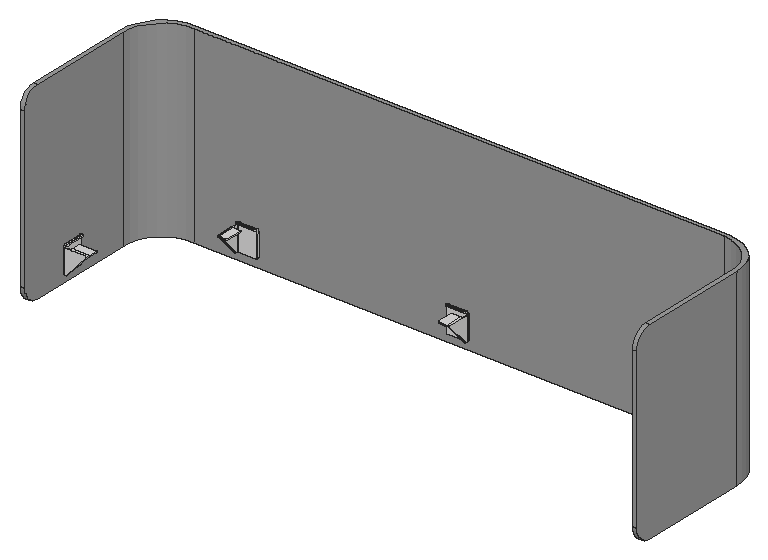
Revit family "Desk_Screens-Teknion-CQCSC_Smooth_Felt_Study_Carrel-R2019", category Furniture, Revit 2019
Family settings
  OmniClass Number = 23.40.20.00
  OmniClass Title = General Furniture and Specialties
  Work Plane-Based = No
  Always vertical = Yes
  Cut with Voids When Loaded = No
  Shared = Yes
  Room Calculation Point = No
Parameters (values of type "47" Datum Height, 24" Slim Modesty Base Height, 72" Width, 20" Depth")
  Width = 72.000"
  Warranty = "http://www.teknion.com/ca/papers/legal-canada"
  Unit Weight URL = "http://www.teknion.com/ca/tools/assets#&asset=bee6a381-b954-425e-8283-5a2de3a804f2,f828d448-4b62-4231-9e5f-9a8991c0ed77"
  URL = "www.teknion.com"
  To render please download texture images found here [instance] = "https://assets.teknion.com/web/5e81352c1dfdb467/revit-material-swatches/"
  Sustainability Data = "https://www.teknion.com/ca/tools/assets#&topic=216f99a5-57a0-44fc-b10a-9dee9b29ae4c&asset=444deb64-fe58-4b68-981e-f75e97781df7,b4ff2d81-9f2e-437d-9659-7cffb09c31cf"
  Smooth Felt Finish [instance] = Fabric - Teknion - R5 - Smooth Felt - Pewter
  Series = "Routes"  # constant formula
  Product Page URL = "https://www.teknion.com/ca/products/product-details?productLineId=70f0476f-8e7a-673b-a6c8-ff05004460c4"
  Product Line = "Routes"  # constant formula
  Product Documentation Link = "https://assets.teknion.com/m/72af4764f50e983c/original/Routes-Reference-Guide.pdf"
  Part Number = "CQCSC"  # constant formula
  Modesty Base Height = 24.000"
  Model = "CQCSC47L7220"
  Manufacturer Phone = "416-661-3370"  # constant formula
  Manufacturer Fax = "416.661.4586"  # constant formula
  Manufacturer Contact Information = "http://www.teknion.com/ca/contactus"
  Manufacturer Address = "1150 Flint Road, Toronto, ON. M3J 2J5. Canada"  # constant formula
  Manufacturer = "Teknion"  # constant formula
  How To Use Teknion Materials User Guide [instance] = "https://assets.teknion.com/m/205dd0a49fa58060/original/How-to-add-a-Material-Library-and-Texture-Images-to-your-Revit-project.pdf"
  Height = 47.000"
  Hardware Finish [instance] = Paint - Teknion - Mica - Arctic
  For Additional Finishes please visit [instance] = "https://assets.teknion.com/m/44a8009b046e5d47/original/Teknion_Materials_Library.zip"
  Description = "Smooth Felt Study Carrel, 47\" Datum Height, 24\" Slim Modesty Base Height, 72\" Width, 20\" Depth"
  Connection Node Visibility [instance] = yes
  Assembly Code = "E2020200"
  Actual Width = Width + 2.000"  # 74.000"
Types (7): name | Width | Modesty Base Height | Model | Height | Description | Actual Width
  (no name) | 72.000" | 24.000" | "CQCSC47L7220" | 47.000" | "Smooth Felt Study Carrel, 47\" Datum Height, 24\" Slim Modesty Base Height, 72\" Width, 20\" Depth" | 74.000"
  42" Datum Height, 24" Slim Modesty Base Height, 60" Width, 20" Depth | 60.000" | 24.000" | "CQCSC42L6020" | 42.000" | "Smooth Felt Study Carrel, 42\" Datum Height, 24\" Slim Modesty Base Height, 60\" Width, 20\" Depth" | 62.000"
  42" Datum Height, 19" Semi Modesty Base Height, 60" Width, 20" Depth | 60.000" | 19.000" | "CQCSC42T6020" | 42.000" | "Smooth Felt Study Carrel, 42\" Datum Height, 19\" Semi Modesty Base Height, 60\" Width, 20\" Depth" | 62.000"
  47" Datum Height, 24" Slim Modesty Base Height, 60" Width, 20" Depth | 60.000" | 24.000" | "CQCSC47L6020" | 47.000" | "Smooth Felt Study Carrel, 47\" Datum Height, 24\" Slim Modesty Base Height, 60\" Width, 20\" Depth" | 62.000"
  42" Datum Height, 19" Semi Modesty Base Height, 72" Width, 20" Depth | 72.000" | 19.000" | "CQCSC42T7220" | 42.000" | "Smooth Felt Study Carrel, 42\" Datum Height, 19\" Semi Modesty Base Height, 72\" Width, 20\" Depth" | 74.000"
  42" Datum Height, 24" Slim Modesty Base Height, 72" Width, 20" Depth | 72.000" | 24.000" | "CQCSC42L7220" | 42.000" | "Smooth Felt Study Carrel, 42\" Datum Height, 24\" Slim Modesty Base Height, 72\" Width, 20\" Depth" | 74.000"
  47" Datum Height, 24" Slim Modesty Base Height, 72" Width, 20" Depth | 72.000" | 24.000" | "CQCSC47L7220" | 47.000" | "Smooth Felt Study Carrel, 47\" Datum Height, 24\" Slim Modesty Base Height, 72\" Width, 20\" Depth" | 74.000"
Reference planes (in)
  plane 1 "Center Front/Back": y = 0.67655
  plane 2: z = 0
  plane 3 "Center Left/Right": x = 7.14522
  plane 4 "Left": x = -29.85478
  plane 5 "Right": x = 44.14522
  plane 6 "Back": y = 10.67655
  plane 7 "Front": y = -9.32345
  plane 8 "Top": z = 47
  plane 9: z = 24
  plane 10: y = 10.18442
Forms (in)
  Sweep 1, solid, material "Fabric - Teknion - R5 - Smooth Felt - Pewter" <- "Smooth Felt Finish"
    path origin (0, 0.67655, 0) x (1, 0, 0) y (0, 0, 1)
      loop
        line (7.14522, 24) -> (7.14522, 47)
    profile origin (7.14522, 0.67655, 35.5) x (-1, 0, 0) y (0, -1, 0)
      loop
        line (37, -5.00787) -> (37, 10) -> (36.50787, 10) -> (36.50787, -4.7683)
        arc (36.50787, -4.7683) -> (35.11969, -8.11969) -> (31.7683, -9.50787) r 4.73957
        line (31.7683, -9.50787) -> (-31.79392, -9.50787)
        arc (-31.79392, -9.50787) -> (-35.12719, -8.12719) -> (-36.50787, -4.79392) r 4.71396
        line (-36.50787, -4.79392) -> (-36.50787, 10) -> (-37, 10) -> (-37, -5.00787)
        arc (-37, -5.00787) -> (-35.53784, -8.53784) -> (-32.00787, -10) r 4.99213
        line (-32.00787, -10) -> (32.00787, -10)
        arc (32.00787, -10) -> (35.53784, -8.53784) -> (37, -5.00787) r 4.99213
  Sweep 2, void
    path origin (0, 0, 0) x (1, 0, 0) y (0, 1, 0)
      loop
        line (-29.85478, 0.67655) -> (44.14522, 0.67655)
    profile origin (7.14522, 0.67655, 0) x (0, 1, 0) y (0, 0, 1)
      loop
        line (-8.035, 47) -> (-8.035, 47.5) -> (-10.5, 47.5) -> (-10.5, 45.035) -> (-10, 45.035)
        arc (-10, 45.035) -> (-9.42446, 46.42446) -> (-8.035, 47) r 1.965
      loop
        arc (-8.035, 24) -> (-9.42446, 24.57554) -> (-10, 25.965) r 1.965
        line (-10, 25.965) -> (-10.5, 25.965) -> (-10.5, 23.5) -> (-8.035, 23.5) -> (-8.035, 24)
Cuts and joins
  Sweep 2 cuts Sweep 1
Lines and regions (in)
  Masking region 1
    outline origin (0, 0, 0) x (1, 0, 0) y (0, 1, 0)
      loop
        arc (-24.86266, 10.67655) -> (-28.39262, 9.21439) -> (-29.85478, 5.68442) r 4.99213
        line (-29.85478, 5.68442) -> (-29.85478, -9.32345) -> (-29.36266, -9.32345) -> (-29.36266, 5.44485)
        arc (-29.36266, 5.44485) -> (-27.97447, 8.79624) -> (-24.62309, 10.18442) r 4.73957
        line (-24.62309, 10.18442) -> (38.93914, 10.18442)
        arc (38.93914, 10.18442) -> (42.27241, 8.80374) -> (43.65309, 5.47047) r 4.71396
        line (43.65309, 5.47047) -> (43.65309, -9.32345) -> (44.14522, -9.32345) -> (44.14522, 5.68442)
        arc (44.14522, 5.68442) -> (42.68306, 9.21439) -> (39.15309, 10.67655) r 4.99213
        line (39.15309, 10.67655) -> (-24.86266, 10.67655)
Dimensions and locks (in)
  "Actual Width": plane 4 "Left" to plane 5 "Right"
  locked: plane 6 "Back" to plane 7 "Front" at 20
  "Height": plane 8 "Top" to level
  equal spacing: plane 4 "Left", plane 3 "Center Left/Right", plane 5 "Right"
  equal spacing: plane 6 "Back", plane 1 "Center Front/Back", plane 7 "Front"
  "Modesty Base Height": plane 9 to level
  plane 4 "Left" to Sweep 1 sketch curve to Sweep 1 sketch curve to Sweep 1 sketch curve = 0.49213" locked, 4.500" locked, 0.23957" locked
  plane 6 "Back" to Sweep 1 sketch curve to Sweep 1 sketch curve to Sweep 1 sketch curve to Sweep 1 sketch curve to Sweep 1 sketch curve = 0.49213" locked, 4.500" locked, 0.000" locked, 0.21396" locked, 0.02562" locked
  Sweep 1 sketch curve to Sweep 1 sketch curve to Sweep 1 sketch curve to plane 5 "Right" = 0.21396" locked, 4.500" locked, 0.49213" locked
  Sweep 2 sketch curve to Sweep 2 sketch curve to plane 7 "Front" to Sweep 2 sketch curve = 0.000" locked, 1.965" locked, 0.500" locked  (x2)
  Sweep 2 sketch curve to plane 8 "Top" to Sweep 2 sketch curve to Sweep 2 sketch curve = 0.500" locked, 1.965" locked, 0.000" locked
  Sweep 2 sketch curve to Sweep 2 sketch curve to plane 9 to Sweep 2 sketch curve = 0.000" locked, 1.965" locked, 0.500" locked
  locked: plane 4 "Left" to nested 2 at 10.483
  locked: nested 4 to plane 5 "Right" at 10.483
  locked: plane 7 "Front" to nested 1 at 7.008
  locked: nested 5 to plane 7 "Front" at 7.01351
  nested 5 to nested 4 to nested 3 to nested 2 to nested 1 to level = 0.000" locked, 0.000" locked, 0.000" locked, 0.000" locked, 28.250" locked
  locked: plane 10 to plane 6 "Back" at 0.49213
  locked: nested 6 to plane 10 at 0.508
  locked: plane 3 "Center Left/Right" to nested 6 at 0
  aligned and locked: level to plane 2
  aligned and locked: plane 8 "Top" to Sweep 1 sketch curve
  aligned and locked: plane 9 to Sweep 1 sketch curve
  aligned and locked: plane 3 "Center Left/Right" to Sweep 1 sketch curve
  aligned and locked: Sweep 1 sketch curve to plane 6 "Back"
  aligned and locked: plane 5 "Right" to Sweep 1 sketch curve
  aligned and locked: Sweep 1 sketch curve to plane 7 "Front"
  aligned and locked: plane 7 "Front" to Sweep 1 sketch curve
  aligned and locked: plane 4 "Left" to Sweep 2 sketch curve
  aligned and locked: plane 5 "Right" to Sweep 2 sketch curve
  aligned and locked: Sweep 2 sketch curve to plane 1 "Center Front/Back"
  aligned and locked: plane 3 "Center Left/Right" to nested 3
  aligned and locked: nested 3 to cut or joined group of Sweep 1, Sweep 2
  aligned and locked: cut or joined group of Sweep 1, Sweep 2 to nested 2
  aligned and locked: nested 4 to cut or joined group of Sweep 1, Sweep 2
  aligned and locked: nested 5 to cut or joined group of Sweep 1, Sweep 2
  aligned and locked: cut or joined group of Sweep 1, Sweep 2 to nested 1
  aligned and locked: Masking region 1 sketch curve to cut or joined group of Sweep 1, Sweep 2  (x5)
  aligned and locked: Masking region 1 sketch curve to plane 7 "Front"
  aligned and locked: plane 7 "Front" to Masking region 1 sketch curve
Automatic sketch dimensions
  Sweep 2 sketch curve to Sweep 2 sketch curve = 0.500"  (x2)
Nested families (in)
  nested 1: "Accessories-Teknion-Routes_Hardware-R2018" at (-28.85466, -2.31545, 25) x (0, 1, 0) z (0, 0, 1), Hardware Finish <- "Hardware Finish", type "Desk Edge Screen Hardware"
    with To render please download texture images found here "https://assets.teknion.com/web/5e81352c1dfdb467/revit-material-swatches/", How To Use Teknion Materials User Guide "https://assets.teknion.com/m/205dd0a49fa58060/original/How-to-add-a-Material-Library-and-Texture-Images-to-your-Revit-project.pdf", Hardware Finish Paint - Teknion - Mica - Arctic, For Additional Finishes please visit "https://assets.teknion.com/m/44a8009b046e5d47/original/Teknion_Materials_Library.zip"
  nested 2: "Accessories-Teknion-Routes_Hardware-R2018" at (-18.12178, 9.67642, 25), Hardware Finish <- "Hardware Finish", type "Desk Edge Screen Hardware"
    with To render please download texture images found here "https://assets.teknion.com/web/5e81352c1dfdb467/revit-material-swatches/", How To Use Teknion Materials User Guide "https://assets.teknion.com/m/205dd0a49fa58060/original/How-to-add-a-Material-Library-and-Texture-Images-to-your-Revit-project.pdf", Hardware Finish Paint - Teknion - Mica - Arctic, For Additional Finishes please visit "https://assets.teknion.com/m/44a8009b046e5d47/original/Teknion_Materials_Library.zip"
  nested 3: "Accessories-Teknion-Routes_Hardware-R2018" at (7.14522, 9.67642, 25) x (-1, 0, 0) z (0, 0, 1), Hardware Finish <- "Hardware Finish", type "Desk Edge Screen Hardware"
    with To render please download texture images found here "https://assets.teknion.com/web/5e81352c1dfdb467/revit-material-swatches/", How To Use Teknion Materials User Guide "https://assets.teknion.com/m/205dd0a49fa58060/original/How-to-add-a-Material-Library-and-Texture-Images-to-your-Revit-project.pdf", Hardware Finish Paint - Teknion - Mica - Arctic, For Additional Finishes please visit "https://assets.teknion.com/m/44a8009b046e5d47/original/Teknion_Materials_Library.zip"
  nested 4: "Accessories-Teknion-Routes_Hardware-R2018" at (32.41222, 9.67642, 25) x (-1, 0, 0) z (0, 0, 1), Hardware Finish <- "Hardware Finish", type "Desk Edge Screen Hardware"
    with To render please download texture images found here "https://assets.teknion.com/web/5e81352c1dfdb467/revit-material-swatches/", How To Use Teknion Materials User Guide "https://assets.teknion.com/m/205dd0a49fa58060/original/How-to-add-a-Material-Library-and-Texture-Images-to-your-Revit-project.pdf", Hardware Finish Paint - Teknion - Mica - Arctic, For Additional Finishes please visit "https://assets.teknion.com/m/44a8009b046e5d47/original/Teknion_Materials_Library.zip"
  nested 5: "Accessories-Teknion-Routes_Hardware-R2018" at (43.14509, -2.30994, 25) x (0, 1, 0) z (0, 0, 1), Hardware Finish <- "Hardware Finish", type "Desk Edge Screen Hardware"
    with To render please download texture images found here "https://assets.teknion.com/web/5e81352c1dfdb467/revit-material-swatches/", How To Use Teknion Materials User Guide "https://assets.teknion.com/m/205dd0a49fa58060/original/How-to-add-a-Material-Library-and-Texture-Images-to-your-Revit-project.pdf", Hardware Finish Paint - Teknion - Mica - Arctic, For Additional Finishes please visit "https://assets.teknion.com/m/44a8009b046e5d47/original/Teknion_Materials_Library.zip"
  nested 6: "Teknion_2D_Node_Family-R2016" at (7.14522, 9.67642, 0), visible <- "Connection Node Visibility", type "Teknion_2D_Node_Family-R2016"
Definition of nested family "Accessories-Teknion-Routes_Hardware-R2018"
  Parameters (values of type "Desk Edge Screen Hardware")
    Warranty = "http://www.teknion.com/ca/papers/legal-canada"
    Unit Weight URL = "http://www.teknion.com/ca/tools/assets#&asset=bee6a381-b954-425e-8283-5a2de3a804f2,f828d448-4b62-4231-9e5f-9a8991c0ed77"
    URL = "www.teknion.com"
    To render please download texture images found here [instance] = "https://assets.teknion.com/web/5e81352c1dfdb467/revit-material-swatches/"
    Sustainability Data = "https://www.teknion.com/ca/tools/assets#&topic=216f99a5-57a0-44fc-b10a-9dee9b29ae4c&asset=444deb64-fe58-4b68-981e-f75e97781df7,b4ff2d81-9f2e-437d-9659-7cffb09c31cf"
    Series = "Routes"  # constant formula
    Product Page URL = "https://www.teknion.com/ca/products/all-products"
    Product Line = "Routes"  # constant formula
    Model = "Routes Desk Screen Hardware"
    Manufacturer Phone = "416-661-3370"  # constant formula
    Manufacturer Fax = "416.661.4586"  # constant formula
    Manufacturer Contact Information = "http://www.teknion.com/ca/contactus"
    Manufacturer Address = "1150 Flint Road, Toronto, ON. M3J 2J5. Canada"  # constant formula
    Manufacturer = "Teknion"  # constant formula
    How To Use Teknion Materials User Guide [instance] = "https://assets.teknion.com/m/205dd0a49fa58060/original/How-to-add-a-Material-Library-and-Texture-Images-to-your-Revit-project.pdf"
    Hardware Finish [instance] = none
    For Additional Finishes please visit [instance] = "https://assets.teknion.com/m/44a8009b046e5d47/original/Teknion_Materials_Library.zip"
    Description = "Routes Desk Screen Hardware"
    Assembly Code = "E2020200"
  Reference planes (in)
    plane 1 "Center Front/Back": y = 0
    plane 2: z = 0
    plane 3 "Center Left/Right": x = 0
    plane 4 "Left": x = -1.25
    plane 5 "Right": x = 1.25
    plane 6 "Back": y = 0.508
    plane 7 "Front": y = -2.607
    plane 8 "Top": z = 3.25
  Forms (in)
    Sweep 1, solid, material <- "Hardware Finish"
      path origin (0, 0, 0) x (1, 0, 0) y (0, 1, 0)
        loop
          line (0, 0.508) -> (0, 0.403)
      profile origin (0, 0.4555, 0) x (1, 0, 0) y (0, 0, 1)
        loop
          line (1.125, 3) -> (-1.125, 3)
          arc (-1.125, 3) -> (-1.21339, 2.96339) -> (-1.25, 2.875) r 0.125
          line (-1.25, 2.875) -> (-1.25, 0.125)
          arc (-1.25, 0.125) -> (-1.21339, 0.03661) -> (-1.125, 0) r 0.125
          line (-1.125, 0) -> (1.125, 0)
          arc (1.125, 0) -> (1.21339, 0.03661) -> (1.25, 0.125) r 0.125
          line (1.25, 0.125) -> (1.25, 2.875)
          arc (1.25, 2.875) -> (1.21339, 2.96339) -> (1.125, 3) r 0.125
    Sweep 2, solid, material <- "Hardware Finish"
      path origin (0, 0, 0) x (1, 0, 0) y (0, 0, 1)
        loop
          line (0, 0) -> (0, 2.865)
      profile origin (0, 0, 1.4325) x (-1, 0, 0) y (0, -1, 0)
        loop
          line (1.115, -0.298) -> (-1.25, -0.298) -> (-1.25, -0.403) -> (1.115, -0.403)
          arc (1.115, -0.403) -> (1.21046, -0.36346) -> (1.25, -0.268) r 0.135
          line (1.25, -0.268) -> (1.25, 2.607) -> (1.145, 2.607) -> (1.145, -0.268)
          arc (1.145, -0.268) -> (1.13621, -0.28921) -> (1.115, -0.298) r 0.03
    Sweep 3, solid, material <- "Hardware Finish"
      path origin (0, 0, 0) x (1, 0, 0) y (0, 1, 0)
        loop
          line (0, -0.567) -> (0, -2.607)
      profile origin (0, -1.587, 0) x (1, 0, 0) y (0, 0, 1)
        loop
          line (0, 2.895) -> (0, 3) -> (-1.115, 3)
          arc (-1.115, 3) -> (-1.21046, 2.96046) -> (-1.25, 2.865) r 0.135
          line (-1.25, 2.865) -> (-1.145, 2.865)
          arc (-1.145, 2.865) -> (-1.13621, 2.88621) -> (-1.115, 2.895) r 0.03
          line (-1.115, 2.895) -> (0, 2.895)
    Sweep 4, solid, material <- "Hardware Finish"
      path origin (0, 0, 0) x (1, 0, 0) y (0, 1, 0)
        loop
          line (-1.115, 0) -> (1.25, 0)
      profile origin (0.0675, 0, 0) x (0, 1, 0) y (0, 0, 1)
        loop
          line (0.403, 2.865) -> (0.403, 3.115)
          arc (0.403, 3.115) -> (0.36346, 3.21046) -> (0.268, 3.25) r 0.135
          line (0.268, 3.25) -> (0, 3.25) -> (0, 3.145) -> (0.268, 3.145)
          arc (0.268, 3.145) -> (0.28921, 3.13621) -> (0.298, 3.115) r 0.03
          line (0.298, 3.115) -> (0.298, 2.865) -> (0.403, 2.865)
    Sweep 5, void
      path origin (0, 0, 0) x (1, 0, 0) y (0, 1, 0)
        loop
          line (-1.25, 0) -> (-1.115, 0)
      profile origin (-1.1825, 0, 0) x (0, 1, 0) y (0, 0, 1)
        loop
          line (-2.607, 3) -> (-2.607, 0) -> (0.028, 0) -> (-2.607, 3)
    Sweep 6, void
      path origin (0, 0, 0) x (1, 0, 0) y (0, 1, 0)
        loop
          line (0, 0.298) -> (0, 0.403)
      profile origin (0, 0.3505, 0) x (-1, 0, 0) y (0, 0, 1)
        loop
          line (-1.25, 0.125) -> (-1.25, 0) -> (-1.125, 0)
          arc (-1.125, 0) -> (-1.21339, 0.03661) -> (-1.25, 0.125) r 0.125
    Sweep 7, void
      path origin (0, 0, 0) x (1, 0, 0) y (0, 0, 1)
        loop
          line (0, 3.25) -> (0, 2.895)
      profile origin (0, 0, 3.0725) x (0, -1, 0) y (1, 0, 0)
        loop
          line (0, -1.115) -> (0, -0.99)
          arc (0, -0.99) -> (-0.03661, -1.07839) -> (-0.125, -1.115) r 0.125
          line (-0.125, -1.115) -> (0, -1.115)
        loop
          line (0, 1.125) -> (0, 1.25) -> (-0.125, 1.25)
          arc (-0.125, 1.25) -> (-0.03661, 1.21339) -> (0, 1.125) r 0.125
        loop
          line (2.607, 0) -> (2.482, 0)
          arc (2.482, 0) -> (2.57039, -0.03661) -> (2.607, -0.125) r 0.125
          line (2.607, -0.125) -> (2.607, 0)
        loop
          line (0.692, 0) -> (0.567, 0) -> (0.567, -0.125)
          arc (0.567, -0.125) -> (0.60361, -0.03661) -> (0.692, 0) r 0.125
  Cuts and joins
    Sweep 5, Sweep 6 cuts Sweep 2
    Sweep 5, Sweep 7 cuts Sweep 3
    Sweep 7 cuts Sweep 4
    joined: Sweep 2, Sweep 3, Sweep 4
  Lines and regions (in)
    symbolic lines, detail levels medium+fine
      curve 1: line (-1.25, 0.508, 0) -> (1.25, 0.508, 0)
      curve 2: line (-1.25, 0.403, 0) -> (1.25, 0.403, 0)
      curve 3: line (-0.99, 0, 0) -> (1.125, 0, 0)
      curve 4: arc (1.125, 0, 0) -> (1.21339, 0.03661, 0) -> (1.25, 0.125, 0) r 0.125
      curve 5: line (1.25, 0.125, 0) -> (1.25, 0.508, 0)
      curve 6: line (-1.115, 0.403, 0) -> (-1.115, 0.125, 0)
      curve 7: arc (-1.115, 0.125, 0) -> (-1.07839, 0.03661, 0) -> (-0.99, 0, 0) r 0.125
      curve 8: line (-1.25, -0.567, 0) -> (-0.125, -0.567, 0)
      curve 9: line (0, -2.482, 0) -> (0, -0.692, 0)
      curve 10: arc (-0.125, -0.567, 0) -> (-0.03661, -0.60361, 0) -> (0, -0.692, 0) r 0.125
      curve 11: line (-1.12603, -2.607, 0) -> (-0.125, -2.607, 0)
      curve 12: arc (0, -2.482, 0) -> (-0.03661, -2.57039, 0) -> (-0.125, -2.607, 0) r 0.125
      curve 13: line (-1.25, 0.268, 0) -> (-1.25, -2.48842, 0)
      curve 14: spline (-1.24771, -2.48862, 0) -> (-1.24911, -2.50162, 0) -> (-1.24812, -2.51464, 0) -> (-1.24474, -2.52748, 0) -> (-1.23904, -2.53996, 0) -> (-1.23109, -2.55189, 0) -> (-1.22102, -2.5631, 0) -> (-1.20896, -2.57342, 0) -> (-1.1951, -2.58271, 0) -> (-1.17964, -2.59081, 0) -> (-1.16281, -2.59763, 0) -> (-1.14485, -2.60305, 0) -> (-1.12603, -2.607, 0)
      curve 15: arc (-1.25, 0.268, 0) -> (-1.21046, 0.36346, 0) -> (-1.115, 0.403, 0) r 0.135
      curve 16: line (-1.145, -2.48842, 0) -> (-1.145, 0.268, 0)
      curve 17: arc (-1.115, 0.298, 0) -> (-1.13621, 0.28921, 0) -> (-1.145, 0.268, 0) r 0.03
      curve 18: line (-1.115, 0.298, 0) -> (1.25, 0.298, 0)
      curve 19: line (-1.25, 0.403, 0) -> (-1.25, 0.508, 0)
  Dimensions and locks (in)
    locked: plane 4 "Left" to plane 5 "Right" at 2.5
    locked: plane 6 "Back" to plane 7 "Front" at 3.115
    locked: plane 8 "Top" to level at 3.25
    equal spacing: plane 4 "Left", plane 3 "Center Left/Right", plane 5 "Right"
    plane 6 "Back" to plane 1 "Center Front/Back" to plane 7 "Front" = 0.508" locked, 2.607" locked
    locked: plane 6 "Back" to Sweep 1 sketch curve at 0.105
    aligned and locked: level to plane 2
    aligned and locked: plane 6 "Back" to Sweep 1 sketch curve
    aligned and locked: Sweep 1 sketch curve to plane 3 "Center Left/Right"
    aligned and locked: curve 1 to Sweep 1
    aligned and locked: curve 2 to Sweep 1
    aligned and locked: curve 4 to cut or joined group of Sweep 2, Sweep 3, Sweep 4, Sweep 5, Sweep 6, Sweep 7
    aligned and locked: curve 6 to cut or joined group of Sweep 2, Sweep 3, Sweep 4, Sweep 5, Sweep 6, Sweep 7
    aligned and locked: curve 7 to cut or joined group of Sweep 2, Sweep 3, Sweep 4, Sweep 5, Sweep 6, Sweep 7
    aligned and locked: curve 8 to cut or joined group of Sweep 2, Sweep 3, Sweep 4, Sweep 5, Sweep 6, Sweep 7
    aligned and locked: curve 10 to cut or joined group of Sweep 2, Sweep 3, Sweep 4, Sweep 5, Sweep 6, Sweep 7
    aligned and locked: curve 11 to cut or joined group of Sweep 2, Sweep 3, Sweep 4, Sweep 5, Sweep 6, Sweep 7
    aligned and locked: curve 12 to cut or joined group of Sweep 2, Sweep 3, Sweep 4, Sweep 5, Sweep 6, Sweep 7
    aligned and locked: curve 15 to cut or joined group of Sweep 2, Sweep 3, Sweep 4, Sweep 5, Sweep 6, Sweep 7
    aligned and locked: curve 16 to cut or joined group of Sweep 2, Sweep 3, Sweep 4, Sweep 5, Sweep 6, Sweep 7
    aligned and locked: curve 17 to cut or joined group of Sweep 2, Sweep 3, Sweep 4, Sweep 5, Sweep 6, Sweep 7
    aligned and locked: plane 4 "Left" to curve 19
  Automatic sketch dimensions
    Sweep 1 sketch curve to level = 0.000"
    profile plane to Sweep 1 sketch curve = 1.250"
    Sweep 1 sketch curve to Sweep 1 sketch curve = 0.125"  (x3)
    Sweep 1 sketch curve to profile plane = 1.125"  (x2)
    Sweep 1 sketch curve to Sweep 1 sketch curve = 2.750"
    Sweep 2 sketch curve to plane 3 "Center Left/Right" = 0.000"
    Sweep 2 sketch curve to level = 0.000"
    Sweep 2 sketch curve to plane 8 "Top" = 0.385"
    Sweep 2 sketch curve to Sweep 2 sketch curve = 0.000"  (x3)
    Sweep 2 sketch curve to plane 1 "Center Front/Back" = 0.298"
    Sweep 2 sketch curve to profile plane = 1.115"
    Sweep 2 sketch curve to Sweep 2 sketch curve = 0.105"
    plane 1 "Center Front/Back" to Sweep 2 sketch curve = 2.607"
    profile plane to Sweep 2 sketch curve = 1.250"
    Sweep 2 sketch curve to profile plane = 1.145"
    plane 7 "Front" to Sweep 3 sketch curve = 0.000"
    Sweep 3 sketch curve to plane 3 "Center Left/Right" = 0.000"
    plane 1 "Center Front/Back" to Sweep 3 sketch curve = 0.567"
    Sweep 3 sketch curve to Sweep 3 sketch curve = 0.000"
    profile plane to Sweep 3 sketch curve = 0.000"
    profile plane to Sweep 3 sketch curve = 1.115"
    level to Sweep 3 sketch curve = 2.865"
    Sweep 3 sketch curve to Sweep 3 sketch curve = 0.105"
    Sweep 3 sketch curve to Sweep 3 sketch curve = 0.030"
    Sweep 4 sketch curve to plane 5 "Right" = 0.000"
    Sweep 4 sketch curve to plane 1 "Center Front/Back" = 0.000"
    plane 4 "Left" to Sweep 4 sketch curve = 0.135"
    Sweep 4 sketch curve to profile plane = 0.000"
    Sweep 4 sketch curve to profile plane = 0.268"
    Sweep 4 sketch curve to Sweep 4 sketch curve = 0.030"
    Sweep 4 sketch curve to Sweep 4 sketch curve = 0.105"
    level to Sweep 4 sketch curve = 2.865"
    Sweep 4 sketch curve to Sweep 4 sketch curve = 0.250"
    Sweep 4 sketch curve to Sweep 4 sketch curve = 0.000"  (x2)
    plane 1 "Center Front/Back" to Sweep 5 sketch curve = 0.000"
    Sweep 5 sketch curve to plane 4 "Left" = 0.000"
    plane 4 "Left" to Sweep 5 sketch curve = 0.135"
    Sweep 5 sketch curve to level = 0.000"
    profile plane to Sweep 5 sketch curve = 2.607"
    Sweep 5 sketch curve to profile plane = 0.028"
    level to Sweep 5 sketch curve = 3.000"
    Sweep 6 sketch curve to plane 3 "Center Left/Right" = 0.000"
    Sweep 6 sketch curve to plane 6 "Back" = 0.210"
    Sweep 6 sketch curve to Sweep 6 sketch curve = 0.105"
    level to Sweep 6 sketch curve = 0.125"
    profile plane to Sweep 6 sketch curve = 1.125"  (x2)
    Sweep 6 sketch curve to level = 0.000"  (x2)
    Sweep 6 sketch curve to Sweep 6 sketch curve = 0.000"  (x2)
    Sweep 7 sketch curve to plane 3 "Center Left/Right" = 0.000"
    Sweep 7 sketch curve to plane 8 "Top" = 0.000"
    Sweep 7 sketch curve to Sweep 7 sketch curve = 0.355"
    Sweep 7 sketch curve to Sweep 7 sketch curve = 0.125"  (x4)
    Sweep 7 sketch curve to Sweep 7 sketch curve = 0.000"  (x7)
    Sweep 7 sketch curve to profile plane = 1.125"
    plane 1 "Center Front/Back" to Sweep 7 sketch curve = 0.567"
    profile plane to Sweep 7 sketch curve = 0.125"  (x2)
    Sweep 7 sketch curve to Sweep 7 sketch curve = 1.915"
    Sweep 7 sketch curve to Sweep 7 sketch curve = 0.865"
    plane 1 "Center Front/Back" to Sweep 7 sketch curve = 0.000"  (x4)
    Sweep 7 sketch curve to plane 1 "Center Front/Back" = 0.125"
    Sweep 7 sketch curve to profile plane = 0.000"  (x4)
    profile plane to Sweep 7 sketch curve = 0.990"
    Sweep 7 sketch curve to Sweep 7 sketch curve = 1.790"
    curve 16 to curve 11 = 0.01897"
    plane 4 "Left" to curve 14 = 0.00088"
    plane 4 "Left" to curve 14 = 0.00229"
    curve 16 to curve 14 = 0.05884"
    curve 14 to plane 7 "Front" = 0.10427"
    curve 14 to curve 16 = 0.0143"
    curve 14 to curve 13 = 0.0002"
    curve 18 to curve 17 = 0.000"
Definition of nested family "Teknion_2D_Node_Family-R2016"
  Reference planes (in)
    plane 1 "Center (Front/Back)": y = 0
    plane 2: z = 0
    plane 3 "Center (Left/Right)": x = 0
  Lines and regions (in)
    detail lines, in view "Ref. Level"
      curve 1: circle (0, 0, 0) r 1.25 normal (0, 0, 1)
      curve 2: line (1.91508, -1.91508, 0) -> (-1.91508, 1.91508, 0)
      curve 3: line (-1.91508, -1.91508, 0) -> (1.91508, 1.91508, 0)
